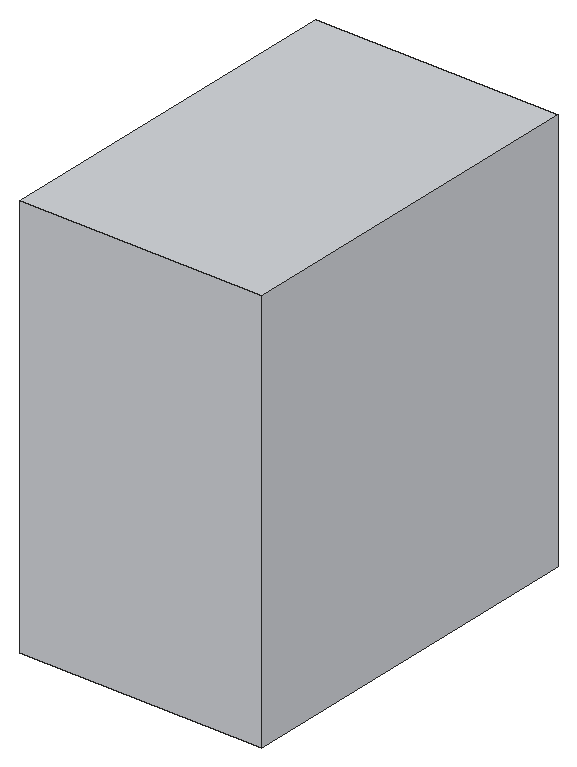
Revit family
Parameters
  Warranty Duration (Years) = 0
  Unit Width [instance] = 1' - 5 1/4"
  Unit Height [instance] = 4' - 8"
  Unit Depth = 0' - 0 1/4"
  URL = "http://www.americanspecialties.com/viewCategories.cfm"
  Trim Material = Metal - Stainless Steel
  Test Data = ""
  Specification = "http://www.arcat.com/sdspecs/htm/10810asi.htm"
  SpecWizard = ""
  Send Message = "http://www.arcat.com/users.pl?action=UserEmail&company=American%20Specialties,%20Inc.&coid=30448&rep=139&fax=914-476-0688&mf="
  Sales Information = "http://www.americanspecialties.com/contact"
  Revision = "R1_10-2010"
  Product Properties = "http://www.americanspecialties.com/datasheets/04692AC-6.pdf"
  Product Data = "http://www.arcat.com/arcatcos/cos30/arc30448.html"
  Model = "As Specified in 10 28 13"
  Manufacturer Website = "http://www.americanspecialties.com/viewCategories.cfm"
  Manufacturer Phone - Toll Free = ""
  Manufacturer Phone = "914-476-9000 "
  Manufacturer Fax = "914-476-0688"
  Manufacturer Address = "441 Saw Mill River Rd., Yonkers, NY 10701"
  Manufacturer = "American Specialties, Inc."
  Maintenance Schedule (Months) = 0
  Keynote = "10 28 13"
  Installation-Fabrication = "http://www.americanspecialties.com/products.cfm"
  Green Building-LEED = ""
  Expected Lifespan (Years) = 0
  Drawn By = "Robert S. Weygant. CSI, CDT, SCIP"  # constant formula
  Description = "Toilet Accessory as Specified in 10 28 13"
  Default Elevation = 4' - 0"
  Copyright = "©Arcat Inc."
  Construction Details = "http://www.arcat.com/green/clients/leed_data_30448.html"
  Building Codes = "http://www.americanspecialties.com/products.cfm"
  Body Material = Metal - Stainless Steel
  Assembly Code = "C1030210"
Reference planes (in)
  plane 1 "Center (Front/Back)": y = -0.29112
  plane 2 "Floor Line": z = 0
  plane 3 "Center (Left/Right)": x = -0.65843
Forms (in)
  Extrusion 1, solid
    sketch origin (-3, -9, -6) x (0, 0, -1) y (1, 0, 0)
      loop
        line (-82, 26) -> (-82, -19.34712) -> (-6, -19.34712) -> (-6, 26) -> (-82, 26)
    from 28.29112 to -41.06337
  Extrusion 2, solid, material "Metal - Stainless Steel" <- "Body Material"
    sketch origin (0, 0, 6) x (1, 0, 0) y (0, 1, 0)
      loop
        line (-8.28343, 26.70888) -> (-8.28343, -27.29112) -> (6.96657, -27.29112) -> (6.96657, 26.70888) -> (-8.28343, 26.70888)
    from 0 to -10
  Extrusion 3, solid, material "Metal - Stainless Steel" <- "Body Material"
    sketch origin (0, 7, 6) x (1, 0, 0) y (0, 1, 0)
      loop
        line (-5.68968, 6.70888) -> (-5.68968, 4.20888) -> (4.37282, 4.20888) -> (4.37282, 6.70888) -> (-5.68968, 6.70888)
      loop
        line (-5.43968, 6.45888) -> (-5.43968, 4.70888) -> (4.12282, 4.70888) -> (4.12282, 6.45888) -> (-5.43968, 6.45888)
    from 0 to -10
  Extrusion 4, solid, material "Metal - Stainless Steel" <- "Body Material"
    sketch origin (0, 0, 6) x (1, 0, 0) y (0, 1, 0)
      loop
        line (-9.28343, 27.70888) -> (-9.28343, -28.29112) -> (7.96657, -28.29112) -> (7.96657, 27.70888) -> (-9.28343, 27.70888)
      loop
        line (-8.28343, 26.70888) -> (-8.28343, -27.29112) -> (6.96657, -27.29112) -> (6.96657, 26.70888) -> (-8.28343, 26.70888)
    from 0 to 0.25
  Extrusion 5, solid, material "Metal - Stainless Steel" <- "Body Material"
    sketch origin (0, 0, 6) x (1, 0, 0) y (0, 1, 0)
      loop
        line (-8.28343, 26.70888) -> (-8.28343, 13.70888) -> (6.96657, 13.70888) -> (6.96657, 26.70888) -> (-8.28343, 26.70888)
    from 0 to 0.25
  Extrusion 6, solid, material "Metal - Stainless Steel" <- "Body Material"
    sketch origin (0, 0, 6) x (1, 0, 0) y (0, 1, 0)
      loop
        line (6.96657, -4.29112) -> (-8.28343, -4.29112) -> (-8.28343, -27.29112) -> (6.96657, -27.29112) -> (6.96657, -4.29112)
    from -10 to 1.75
  Extrusion 7, void
    sketch origin (-0.65843, 0, 6) x (0, 1, 0) y (0, 0, 1)
      loop
        line (13.70888, -9.75) -> (13.70888, 1.75) -> (-4.29112, 1.75) -> (-4.29112, -9.75) -> (13.70888, -9.75)
    from -7.61046 to 7.59319
  Extrusion 8, void
    sketch origin (-0.65843, 0, 0) x (0, 1, 0) y (0, 0, 1)
      loop
        line (-4.066, 7.70594) -> (-27.27764, 7.70594) -> (-27.27764, -3.98722) -> (-4.066, -3.98722) -> (-4.066, 7.70594)
    from -7.61046 to 7.57463
  Extrusion 9, solid, material "Metal - Stainless Steel" <- "Body Material"
    sketch origin (0, 0, 0) x (1, 0, 0) y (0, 1, 0)
      loop
        line (7.96657, -28.29112) -> (7.96657, 27.70888) -> (-9.28343, 27.70888) -> (-9.28343, -28.29112) -> (7.96657, -28.29112)
      loop
        line (-8.28343, 26.70888) -> (-8.28343, -27.29112) -> (6.96657, -27.29112) -> (6.96657, 26.70888) -> (-8.28343, 26.70888)
    from 0 to 6
  Extrusion 10, void
    sketch origin (0, 0, 0) x (1, 0, 0) y (0, 1, 0)
      loop
        line (-8.28343, 26.70888) -> (-8.28343, -27.29112) -> (6.96657, -27.29112) -> (6.96657, 26.70888) -> (-8.28343, 26.70888)
    from 0 to -4
  Extrusion 11, solid, material "Metal - Stainless Steel" <- "Trim Material"
    sketch origin (-1.31687, 0, 5.3125) x (-1, 0, 0) y (0, -1, 0)
      loop
        circle (5.37282, -20.33388) r 0.5
      loop
        line (5.316, -19.91524) -> (5.316, -20.76475) -> (5.42963, -20.76475) -> (5.42963, -19.91524) -> (5.316, -19.91524)
    from 0.9375 to 1
  Extrusion 12, solid
    sketch origin (0, 0, 0) x (1, 0, 0) y (0, 1, 0)
      loop
        circle (-0.65843, -3.566) r 0.5
      loop
        line (-0.60162, -3.98464) -> (-0.60162, -3.13513) -> (-0.71525, -3.13513) -> (-0.71525, -3.98464) -> (-0.60162, -3.98464)
    from -4 to -3.75
Cuts and joins
  Extrusion 7, Extrusion 8 cuts Extrusion 2
  Extrusion 8 cuts Extrusion 4
  Extrusion 7, Extrusion 8 cuts Extrusion 6
Dimensions and locks (in)
  aligned and locked: Extrusion 1 to level
  aligned and locked: Extrusion 4 to Extrusion 5
